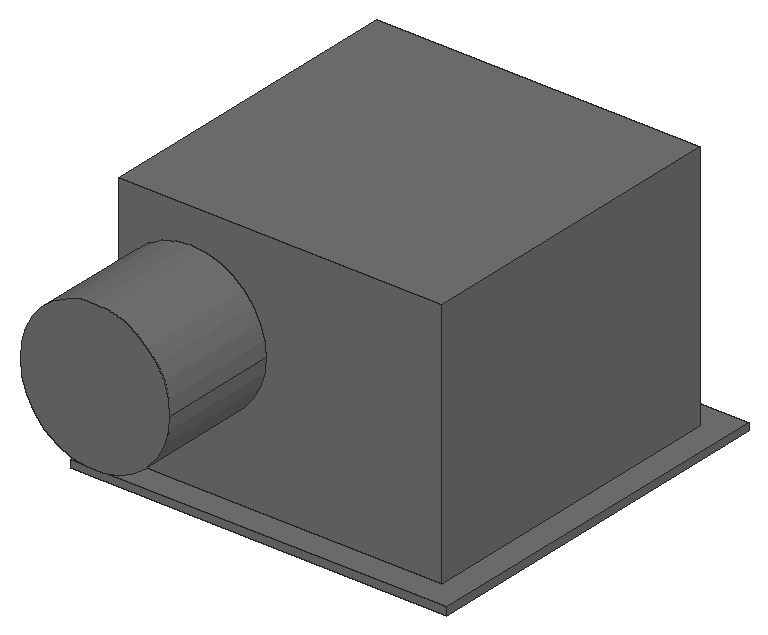
Revit family "vd-10_20z(l)(p)(s)c14-in_60Hz", category 機械設備, Revit 2019
Family settings
  丸型コネクタ寸法 = 直径を使用
  パーツ タイプ = 標準
  OmniClass 番号 = 23.75.35.17.27
  OmniClass タイトル = Centrifugal Fans
  作業面ベース = いいえ
  常に垂直 = はい
  ロード時にボイドで切り取り = いいえ
  共有 = いいえ
  部屋計算ポイント = はい
Parameters (values of type "VD-20ZLC14-IN")
  騒音レベル(dB(A)) [instance] = 36.5
  風量 [instance] = 420.0 m³/h
  電源種別 [instance] = ""
  電圧 = 100 V
  電動機出力 = 0 W
  電動機_種別 [instance] = ""
  運転質量 = 0.00 kg
  連動 [instance] = ""
  質量 = if(製品質量 > 運転質量, 製品質量, 運転質量) * 1.2  # 3.96 kg
  負荷分類 = 3_ファン類
  説明 = "ダクト用換気扇 低騒音形 24時間換気機能付 グリル別売タイプ"
  設計風量 [instance] = 0.0 m³/h
  設置方法 = "天埋"
  記号 [instance] = ""
  製造元 = "三菱電機株式会社"
  製品質量 = 3.30 kg
  製品出荷対象 = "国内"
  製品リリース年月 = "2024年6月3日"
  製品グループ = ""
  系統 [instance] = ""
  符号 [instance] = if(☑給気／□排気, "FS", "FE")  # "FE"
  積算_科目 = "2 換気設備"
  積算_拾い区分 [instance] = ""
  相 = 1
  盤記号 [instance] = ""
  発停方法 [instance] = ""
  特殊仕様 [instance] = ""
  火災停止 [instance] = ""
  消費電力 = 49 W
  法定耐用年数 = "15"
  機外静圧 [instance] = 0.0 Pa
  極数 = 2
  材質 [instance] = ""
  操作・制御方式 = ""
  操作・制御スイッチ = ""
  排気量 [instance] = if(☑給気／□排気, 0.0 m³/h, 設計風量)  # 0.0 m³/h
  形式 = "天井埋込ダクト形"
  幹線記号 [instance] = ""
  対象室 [instance] = ""
  実風量 [instance] = 0.0 m³/h
  始動方式 [instance] = "直入"
  外気量 [instance] = if(☑給気／□排気, 設計風量, 0.0 m³/h)  # 0.0 m³/h
  呼称 = "天井扇"
  周波数 = 60 Hz
  参照している仕様書等のバージョン = ""
  分類コード = "50052503100030"
  分類グループ = ""
  価格 = 51800
  企業コード = "108420"
  付属品_防振装置 = ""
  付属品 [instance] = ""
  仕様書バージョン = "Version1.0"
  モデル = "VD-20ZLC14-IN"
  マテリアル = 合成樹脂(黒)
  ファンの種類 = ""
  ダクト径 = 150 mm
  コメント [instance] = ""
  Keynote = ""
  ☑給気／□排気 [instance] = no
  Width = 310 mm
  W1 = 362 mm
  Version = ""
  Uniclass2015Version = "Systems v1.9"
  Uniclass2015Title = "Centrifugal fans"
  Uniclass2015Code = "Pr_65_67_29_12"
  URL = "https://www.mitsubishielectric.co.jp/ldg/wink/qr/002/333518/"
  SpecificationReference = ""
  SpecificationDescription = ""
  Revision = ""
  ProductInformation = ""
  OmniClassCode = "23-33 31 19 11 15"
  MIN風量 = 220.0 m³/h
  MIN静圧 = 0.0 Pa
  MID風量 = 0.0 m³/h
  MID静圧 = 0.0 Pa
  MAX風量 = 420.0 m³/h
  MAX静圧 = 0.0 Pa
  IfcTypeProduct = ""
  IfcProduct = ""
  IfcExportType = "PROPELLORAXIAL"
  IfcExportAs = "IfcFanType"
  Height = 240 mm
  H1 = 7 mm
  EAサイズ_D = 144 mm
  Duct_Height = 135 mm
  Duct_Depth = 115 mm
  Duct_Center = 86 mm
  Depth = 310 mm
  D1 = 362 mm
  Author = "三菱電機株式会社"
Types (13, lengths in mm): name | 騒音レベル(dB(A)) | 風量 | 質量 | 説明 | 製品質量 | 製品リリース年月 | 消費電力 | 価格 | モデル | ダクト径 | Width | W1 | URL | MIN風量 | MAX風量 | Height | EAサイズ_D | Duct_Height | Duct_Depth | Duct_Center | Depth | D1
  VD-10ZC14-IN | 22 | 95.0 m³/h | 1.44 kg | "ダクト用換気扇 低騒音形 グリル別売タイプ" | 1.20 kg | "2024年4月1日" | 9.3 W | 19000 | "VD-10ZC14-IN" | 100 | 174 | 223 | "https://www.mitsubishielectric.co.jp/ldg/wink/qr/002/333558/" | 0.0 m³/h | 95.0 m³/h | 184 | 98 | 102 | 109 | 0 | 174 | 223
  VD-10ZLC14-IN | 22 | 95.0 m³/h | 1.44 kg | "ダクト用換気扇 低騒音形 24時間換気機能付 グリル別売タイプ" | 1.20 kg | "2024年4月1日" | 9.3 W | 22900 | "VD-10ZLC14-IN" | 100 | 174 | 223 | "https://www.mitsubishielectric.co.jp/ldg/wink/qr/002/333567/" | 55.0 m³/h | 95.0 m³/h | 184 | 98 | 102 | 109 | 0 | 174 | 223
  VD-13ZC14-IN | 28.5 | 130.0 m³/h | 1.68 kg | "ダクト用換気扇 低騒音形 グリル別売タイプ" | 1.40 kg | "2024年4月1日" | 15.5 W | 22700 | "VD-13ZC14-IN" | 100 | 198 | 250 | "https://www.mitsubishielectric.co.jp/ldg/wink/qr/002/333582/" | 0.0 m³/h | 130.0 m³/h | 195 | 98 | 102 | 109 | 56 | 198 | 250
  VD-13ZLC14-IN | 28.5 | 130.0 m³/h | 1.68 kg | "ダクト用換気扇 低騒音形 24時間換気機能付 グリル別売タイプ" | 1.40 kg | "2024年4月1日" | 15.5 W | 26100 | "VD-13ZLC14-IN" | 100 | 198 | 250 | "https://www.mitsubishielectric.co.jp/ldg/wink/qr/002/333591/" | 65.0 m³/h | 130.0 m³/h | 195 | 98 | 102 | 109 | 56 | 198 | 250
  VD-15ZC14-IN | 28.5 | 180.0 m³/h | 2.88 kg | "ダクト用換気扇 低騒音形 グリル別売タイプ" | 2.40 kg | "2024年6月3日" | 15.5 W | 22700 | "VD-15ZC14-IN" | 100 | 254 | 306 | "https://www.mitsubishielectric.co.jp/ldg/wink/qr/002/333604/" | 0.0 m³/h | 180.0 m³/h | 200 | 98 | 109 | 109 | 0 | 254 | 306
  VD-15ZLC14-IN | 28.5 | 180.0 m³/h | 2.88 kg | "ダクト用換気扇 低騒音形 24時間換気機能付 グリル別売タイプ" | 2.40 kg | "2024年6月3日" | 15.5 W | 27300 | "VD-15ZLC14-IN" | 100 | 254 | 306 | "https://www.mitsubishielectric.co.jp/ldg/wink/qr/002/333617/" | 90.0 m³/h | 180.0 m³/h | 200 | 98 | 109 | 109 | 0 | 254 | 306
  VD-15ZLPC14-IN | 34 | 220.0 m³/h | 2.88 kg | "ダクト用換気扇 低騒音形 24時間換気機能付 グリル別売タイプ" | 2.40 kg | "2024年6月3日" | 23 W | 28800 | "VD-15ZLPC14-IN" | 100 | 254 | 306 | "https://www.mitsubishielectric.co.jp/ldg/wink/qr/002/333619/" | 110.0 m³/h | 220.0 m³/h | 200 | 98 | 109 | 109 | 0 | 254 | 306
  VD-15ZPC14-IN | 34 | 220.0 m³/h | 2.88 kg | "ダクト用換気扇 低騒音形 グリル別売タイプ" | 2.40 kg | "2024年6月3日" | 23 W | 24400 | "VD-15ZPC14-IN" | 100 | 254 | 306 | "https://www.mitsubishielectric.co.jp/ldg/wink/qr/002/333628/" | 0.0 m³/h | 220.0 m³/h | 200 | 98 | 109 | 109 | 0 | 254 | 306
  VD-18ZC14-IN | 29 | 310.0 m³/h | 3.84 kg | "ダクト用換気扇 低騒音形 グリル別売タイプ" | 3.20 kg | "2024年6月3日" | 29.5 W | 35900 | "VD-18ZC14-IN" | 150 | 310 | 362 | "https://www.mitsubishielectric.co.jp/ldg/wink/qr/002/333646/" | 0.0 m³/h | 310.0 m³/h | 240 | 144 | 135 | 115 | 86 | 310 | 362
  VD-18ZLC14-IN | 29 | 310.0 m³/h | 3.84 kg | "ダクト用換気扇 低騒音形 24時間換気機能付 グリル別売タイプ" | 3.20 kg | "2024年6月3日" | 29.5 W | 40200 | "VD-18ZLC14-IN" | 150 | 310 | 362 | "https://www.mitsubishielectric.co.jp/ldg/wink/qr/002/333651/" | 175.0 m³/h | 310.0 m³/h | 240 | 144 | 135 | 115 | 86 | 310 | 362
  VD-18ZLSC14-IN | 37 | 260.0 m³/h | 3.96 kg | "ダクト用換気扇 低騒音形 24時間換気機能付 グリル別売タイプ" | 3.30 kg | "2024年6月3日" | 35.5 W | 41300 | "VD-18ZLSC14-IN" | 100 | 310 | 362 | "https://www.mitsubishielectric.co.jp/ldg/wink/qr/002/333654/" | 140.0 m³/h | 260.0 m³/h | 200 | 98 | 109 | 109 | 0 | 310 | 362
  VD-20ZC14-IN | 36.5 | 420.0 m³/h | 3.96 kg | "ダクト用換気扇 低騒音形 グリル別売タイプ" | 3.30 kg | "2024年6月3日" | 49 W | 46200 | "VD-20ZC14-IN" | 150 | 310 | 362 | "https://www.mitsubishielectric.co.jp/ldg/wink/qr/002/333514/" | 0.0 m³/h | 420.0 m³/h | 240 | 144 | 135 | 115 | 86 | 310 | 362
  VD-20ZLC14-IN | 36.5 | 420.0 m³/h | 3.96 kg | "ダクト用換気扇 低騒音形 24時間換気機能付 グリル別売タイプ" | 3.30 kg | "2024年6月3日" | 49 W | 51800 | "VD-20ZLC14-IN" | 150 | 310 | 362 | "https://www.mitsubishielectric.co.jp/ldg/wink/qr/002/333518/" | 220.0 m³/h | 420.0 m³/h | 240 | 144 | 135 | 115 | 86 | 310 | 362
Reference planes
  plane 1 "中心(正面/背面)": y = 0
  plane 2: z = 0
  plane 3 "中心(左/右)": x = 0
  plane 4: x = -181
  plane 5: x = 181
  plane 6: y = 181
  plane 7: y = -181
  plane 8: x = -155
  plane 9: x = 155
  plane 10: y = 155
  plane 11: y = -155
  plane 12: y = -270
  plane 13: z = 240
  plane 14: z = -7
  plane 15: z = 135
  plane 16: x = -86
Forms (mm)
  Extrusion 1, solid, material "合成樹脂(黒)" <- "マテリアル", detail levels fine
    sketch origin (0, 0, 0) x (1, 0, 0) y (0, 1, 0)
      loop
        line (-155, 155) -> (-155, -155) -> (155, -155) -> (155, 155) -> (-155, 155)
    from 0 to 240
  Extrusion 2, solid, material "合成樹脂(黒)" <- "マテリアル", detail levels fine
    sketch origin (0, 0, 0) x (1, 0, 0) y (0, 1, 0)
      loop
        line (-181, 181) -> (-181, -181) -> (181, -181) -> (181, 181) -> (-181, 181)
    from 0 to -7
  Extrusion 3, solid, material "合成樹脂(黒)" <- "マテリアル", detail levels fine
    sketch origin (0, 0, 0) x (1, 0, 0) y (0, 0, 1)
      loop
        circle (-86, 135) r 72
    from 155 to 270
Dimensions and locks
  equal spacing: plane 4, plane 3 "中心(左/右)", plane 5
  "W1": plane 4 to plane 5
  equal spacing: plane 6, plane 1 "中心(正面/背面)", plane 7
  "D1": plane 6 to plane 7
  equal spacing: plane 8, plane 3 "中心(左/右)", plane 9
  "Width": plane 8 to plane 9
  equal spacing: plane 10, plane 1 "中心(正面/背面)", plane 11
  "Depth": plane 10 to plane 11
  "Duct_Depth": plane 11 to plane 12
  "Height": plane 13 to plane 2
  "Duct_Height": plane 15 to plane 2
  "H1": plane 2 to plane 14
  "Duct_Center": plane 3 "中心(左/右)" to plane 16
  "EAサイズ_D": diameter of Extrusion 3 sketch curve
  aligned and locked: level to plane 2
  aligned and locked: plane 5 to Extrusion 2
  aligned and locked: plane 6 to Extrusion 2
  aligned and locked: Extrusion 2 to plane 4
  aligned and locked: Extrusion 2 to plane 7
  aligned and locked: plane 9 to Extrusion 1
  aligned and locked: Extrusion 1 to plane 11
  aligned and locked: Extrusion 1 to plane 8
  aligned and locked: plane 10 to Extrusion 1
  aligned and locked: plane 13 to Extrusion 1
  aligned and locked: Extrusion 2 to plane 14
  aligned and locked: level to Extrusion 2
  aligned and locked: Extrusion 1 to level
  aligned and locked: Extrusion 3 to plane 12
  aligned and locked: plane 11 to Extrusion 3
Automatic sketch dimensions
  Extrusion 1 sketch curve to plane 3 "中心(左/右)" = 155 mm
  plane 3 "中心(左/右)" to Extrusion 1 sketch curve = 155 mm
  Extrusion 2 sketch curve to plane 3 "中心(左/右)" = 181 mm
  plane 3 "中心(左/右)" to Extrusion 2 sketch curve = 181 mm
  plane 1 "中心(正面/背面)" to Extrusion 1 sketch curve = 155 mm
  Extrusion 1 sketch curve to plane 1 "中心(正面/背面)" = 155 mm
  plane 1 "中心(正面/背面)" to Extrusion 2 sketch curve = 181 mm
  Extrusion 2 sketch curve to plane 1 "中心(正面/背面)" = 181 mm
  Extrusion 3 sketch curve to plane 15 = 0 mm
  Extrusion 3 sketch curve to plane 16 = 0 mm
Nested families
  nested 1: "記号_天井換気扇_平面" at (0, 0, 0), type "記号_天井換気扇_平面", detail levels coarse+medium
Connectors
  hvac at (-86, -270, 135), driven by "ダクト径", driven by "風量", driven by "機外静圧"
    settings: on Extrusion 3, index 1, duct flow 420.0 m³/h, flow factor 0, pres drop 0.0 Pa, loss coef 0, conn angle 0.00°, conn width 304.8 mm, conn height 304.8 mm, conn diameter 150 mm, duct sys type 3, conn prof type 0, flow config 0, flow direction 2, loss method 4, conn ref index -1, conn util no, is conn primary yes, conn desc ""
  electrical at (0, 0, 240), driven by "極数", driven by "負荷分類", driven by "電圧", driven by "消費電力"
    settings: on Extrusion 1, index 2, voltage 100 V, apparent load 49 VA, apparent load phase1 0 VA, apparent load phase2 0 VA, apparent load phase3 0 VA, power factor 1, load classification "3_ファン類", number of poles 2, system type 30, power factor state 1, is connector primary yes, connector utility no, sub classification motor no, connector description ""
Definition of nested family "記号_天井換気扇_平面"
  Reference planes
    plane 1: y = 0
    plane 2: x = 0
  Lines and regions (mm)
    detail lines
      curve 1: line (-2.5, 2.5, 0) -> (2.5, 2.5, 0)
      curve 2: line (-2.5, -2.5, 0) -> (-2.5, 2.5, 0)
      curve 3: line (2.5, -2.5, 0) -> (-2.5, -2.5, 0)
      curve 4: line (2.5, 2.5, 0) -> (2.5, -2.5, 0)
      curve 5: circle (-1.04, -1.04, 0) r 1.46 normal (0, 0, 1)
      curve 6: circle (1.04, 1.04, 0) r 1.46 normal (0, 0, 1)
      curve 7: line (-3.125, 3.125, 0) -> (3.125, 3.125, 0)
      curve 8: line (-3.125, -3.125, 0) -> (-3.125, 3.125, 0)
      curve 9: line (3.125, -3.125, 0) -> (-3.125, -3.125, 0)
      curve 10: line (3.125, 3.125, 0) -> (3.125, -3.125, 0)
      curve 11: circle (1.295, 1.295, 0) r 1.83 normal (0, 0, 1)
      curve 12: circle (-1.295, -1.295, 0) r 1.83 normal (0, 0, 1)
      curve 13: line (-2, 2, 0) -> (2, 2, 0)
      curve 14: line (-2, -2, 0) -> (-2, 2, 0)
      curve 15: line (2, -2, 0) -> (-2, -2, 0)
      curve 16: line (2, 2, 0) -> (2, -2, 0)
      curve 17: circle (0.84, 0.84, 0) r 1.16 normal (0, 0, 1)
      curve 18: circle (-0.84, -0.84, 0) r 1.2 normal (0, 0, 1)
